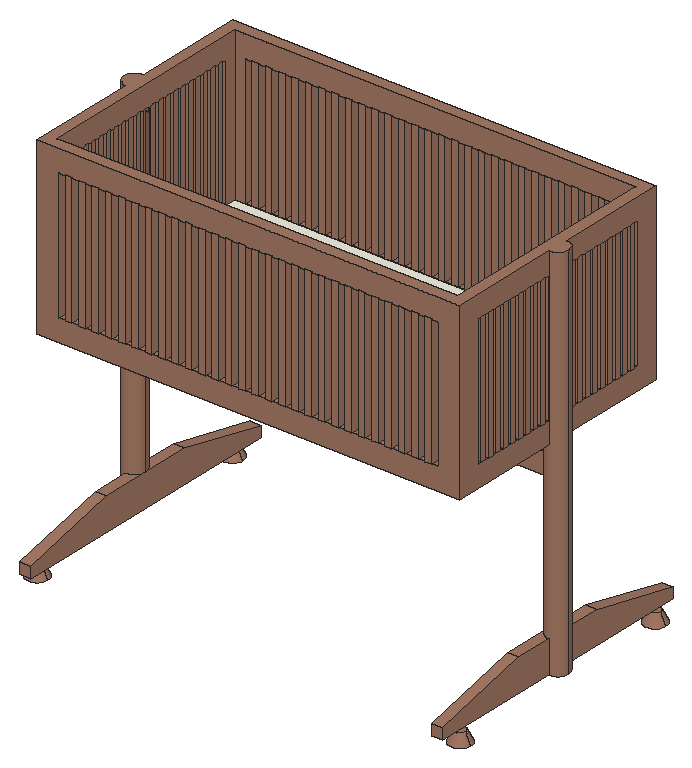
Revit family
Parameters
  Width = 3' - 3"
  Subcategory = "Cradle"
  SmartBIM Object Version = 3  # constant formula
  SmartBIM Object Created By = "Reed Construction Data"  # constant formula
  Mattress = Textile,White
  Manufacturer = ""
  Height = 3' - 0"
  Cradle = Wood, Mahogany
  Depth = 1' - 10 1/2"
  Default Elevation = 0' - 0"
  Assembly Code = "E2020200"
  95 CSI = "12450"
  04 CSI = "12 45 00"
Reference planes (in)
  plane 1 "Center F/B": y = 0
  plane 2: z = 0
  plane 3 "Center L/R": x = 0
  plane 4: x = -19.5
  plane 5: x = 19.5
  plane 6: y = -11.25
  plane 7: y = 11.25
  plane 8: z = 1
  plane 9: z = 36
  plane 10: z = 4
  plane 11: z = 18
  plane 12: x = 19.5
  plane 13: x = 18.5
  plane 14: x = -18.5
  plane 15: x = -19.5
  plane 16: y = -10.25
  plane 17: y = -11.25
  plane 18: y = 10.25
  plane 19: y = 11.25
Forms (in)
  Blend 1, solid, material "Wood, Mahogany" <- "Cradle"
    base sketch origin (0, 0, 0) x (1, 0, 0) y (0, 1, 0)
      loop
        circle (-19.5, 11.25) r 0.5
    top sketch origin (0, 0, 0) x (1, 0, 0) y (0, 1, 0)
      loop
        circle (-19.5, 11.25) r 1
    from 1 to 0
  Blend 2, solid, material "Wood, Mahogany" <- "Cradle"
    base sketch origin (0, 0, 0) x (-1, 0, 0) y (0, -1, 0)
      loop
        circle (-19.5, -11.25) r 0.5
    top sketch origin (0, 0, 0) x (-1, 0, 0) y (0, -1, 0)
      loop
        circle (-19.5, -11.25) r 1
    from 1 to 0
  Blend 3, solid, material "Wood, Mahogany" <- "Cradle"
    base sketch origin (0, 0, 0) x (1, 0, 0) y (0, 1, 0)
      loop
        circle (-19.5, -11.25) r 0.5
    top sketch origin (0, 0, 0) x (1, 0, 0) y (0, 1, 0)
      loop
        circle (-19.5, -11.25) r 1
    from 1 to 0
  Blend 4, solid, material "Wood, Mahogany" <- "Cradle"
    base sketch origin (0, 0, 0) x (-1, 0, 0) y (0, -1, 0)
      loop
        circle (-19.5, 11.25) r 0.5
    top sketch origin (0, 0, 0) x (-1, 0, 0) y (0, -1, 0)
      loop
        circle (-19.5, 11.25) r 1
    from 1 to 0
  Extrusion 5, solid, material "Wood, Mahogany" <- "Cradle"
    sketch origin (0, 0, 0) x (0, 1, 0) y (0, 0, 1)
      loop
        line (4.50373, 4) -> (-4.50373, 4) -> (-13.25, 2) -> (-13.25, 1) -> (13.25, 1) -> (13.25, 2) -> (4.50373, 4)
    from 18.5 to 19.5
  Extrusion 6, solid, material "Wood, Mahogany" <- "Cradle"
    sketch origin (0, 0, 0) x (0, 1, 0) y (0, 0, 1)
      loop
        line (4.50373, 4) -> (-4.50373, 4) -> (-13.25, 2) -> (-13.25, 1) -> (13.25, 1) -> (13.25, 2) -> (4.50373, 4)
    from -19.5 to -18.5
  Extrusion 7, solid, material "Wood, Mahogany" <- "Cradle"
    sketch origin (0, 0, 0) x (1, 0, 0) y (0, 1, 0)
      loop
        circle (-19.5, 0) r 1
    from 1 to 36
  Extrusion 8, solid, material "Wood, Mahogany" <- "Cradle"
    sketch origin (0, 0, 0) x (-1, 0, 0) y (0, -1, 0)
      loop
        circle (-19.5, 0) r 1
    from 1 to 36
  Extrusion 9, solid, material "Wood, Mahogany" <- "Cradle"
    sketch origin (0, -1.40625, 0) x (1, 0, 0) y (0, 0, 1)
      loop
        line (19.5, 17) -> (19.5, 19) -> (-19.5, 19) -> (-19.5, 17) -> (19.5, 17)
    from -1.92677 to -0.88573
  Extrusion 10, solid, material "Wood, Mahogany" <- "Cradle"
    sketch origin (0, 0, 0) x (0, 1, 0) y (0, 0, 1)
      loop
        line (-11.25, 20) -> (11.25, 20) -> (11.25, 36) -> (-11.25, 36) -> (-11.25, 20)
      loop
        line (-9.25, 22) -> (9.25, 22) -> (9.25, 34) -> (-9.25, 34) -> (-9.25, 22)
    from 18.5 to 19.5
  Extrusion 11, solid, material "Wood, Mahogany" <- "Cradle"
    sketch origin (0.5, 0, 0) x (0, 1, 0) y (0, 0, 1)
      loop
        line (8.81977, 22) -> (8.81977, 34) -> (8.38953, 34) -> (8.38953, 22) -> (8.81977, 22)
      loop
        line (7.9593, 22) -> (7.9593, 34) -> (7.52907, 34) -> (7.52907, 22) -> (7.9593, 22)
      loop
        line (7.09884, 22) -> (7.09884, 34) -> (6.6686, 34) -> (6.6686, 22) -> (7.09884, 22)
      loop
        line (6.23837, 22) -> (6.23837, 34) -> (5.80814, 34) -> (5.80814, 22) -> (6.23837, 22)
      loop
        line (5.37791, 22) -> (5.37791, 34) -> (4.94767, 34) -> (4.94767, 22) -> (5.37791, 22)
      loop
        line (4.51744, 22) -> (4.51744, 34) -> (4.08721, 34) -> (4.08721, 22) -> (4.51744, 22)
      loop
        line (3.65698, 22) -> (3.65698, 34) -> (3.22674, 34) -> (3.22674, 22) -> (3.65698, 22)
      loop
        line (2.79651, 22) -> (2.79651, 34) -> (2.36628, 34) -> (2.36628, 22) -> (2.79651, 22)
      loop
        line (1.93605, 22) -> (1.93605, 34) -> (1.50581, 34) -> (1.50581, 22) -> (1.93605, 22)
      loop
        line (1.07558, 22) -> (1.07558, 34) -> (0.64535, 34) -> (0.64535, 22) -> (1.07558, 22)
      loop
        line (0.21512, 22) -> (0.21512, 34) -> (-0.21512, 34) -> (-0.21512, 22) -> (0.21512, 22)
      loop
        line (-0.64535, 22) -> (-0.64535, 34) -> (-1.07558, 34) -> (-1.07558, 22) -> (-0.64535, 22)
      loop
        line (-1.50581, 22) -> (-1.50581, 34) -> (-1.93605, 34) -> (-1.93605, 22) -> (-1.50581, 22)
      loop
        line (-2.36628, 22) -> (-2.36628, 34) -> (-2.79651, 34) -> (-2.79651, 22) -> (-2.36628, 22)
      loop
        line (-3.22674, 22) -> (-3.22674, 34) -> (-3.65698, 34) -> (-3.65698, 22) -> (-3.22674, 22)
      loop
        line (-4.08721, 22) -> (-4.08721, 34) -> (-4.51744, 34) -> (-4.51744, 22) -> (-4.08721, 22)
      loop
        line (-4.94767, 22) -> (-4.94767, 34) -> (-5.37791, 34) -> (-5.37791, 22) -> (-4.94767, 22)
      loop
        line (-5.80814, 22) -> (-5.80814, 34) -> (-6.23837, 34) -> (-6.23837, 22) -> (-5.80814, 22)
      loop
        line (-6.6686, 22) -> (-6.6686, 34) -> (-7.09884, 34) -> (-7.09884, 22) -> (-6.6686, 22)
      loop
        line (-7.52907, 22) -> (-7.52907, 34) -> (-7.9593, 34) -> (-7.9593, 22) -> (-7.52907, 22)
      loop
        line (-8.38953, 22) -> (-8.38953, 34) -> (-8.81977, 34) -> (-8.81977, 22) -> (-8.38953, 22)
    from 18 to 19
  Extrusion 12, solid, material "Wood, Mahogany" <- "Cradle"
    sketch origin (3.5, 0, 0) x (0, 1, 0) y (0, 0, -1)
      loop
        line (-11.25, -20) -> (-11.25, -36) -> (11.25, -36) -> (11.25, -20) -> (-11.25, -20)
      loop
        line (-9.25, -22) -> (-9.25, -34) -> (9.25, -34) -> (9.25, -22) -> (-9.25, -22)
    from 22 to 23
  Extrusion 13, solid, material "Wood, Mahogany" <- "Cradle"
    sketch origin (2, 0, 0) x (0, 1, 0) y (0, 0, -1)
      loop
        line (8.81977, -22) -> (8.38953, -22) -> (8.38953, -34) -> (8.81977, -34) -> (8.81977, -22)
      loop
        line (7.9593, -22) -> (7.52907, -22) -> (7.52907, -34) -> (7.9593, -34) -> (7.9593, -22)
      loop
        line (7.09884, -22) -> (6.6686, -22) -> (6.6686, -34) -> (7.09884, -34) -> (7.09884, -22)
      loop
        line (6.23837, -22) -> (5.80814, -22) -> (5.80814, -34) -> (6.23837, -34) -> (6.23837, -22)
      loop
        line (5.37791, -22) -> (4.94767, -22) -> (4.94767, -34) -> (5.37791, -34) -> (5.37791, -22)
      loop
        line (4.51744, -22) -> (4.08721, -22) -> (4.08721, -34) -> (4.51744, -34) -> (4.51744, -22)
      loop
        line (3.65698, -22) -> (3.22674, -22) -> (3.22674, -34) -> (3.65698, -34) -> (3.65698, -22)
      loop
        line (2.79651, -22) -> (2.36628, -22) -> (2.36628, -34) -> (2.79651, -34) -> (2.79651, -22)
      loop
        line (1.93605, -22) -> (1.50581, -22) -> (1.50581, -34) -> (1.93605, -34) -> (1.93605, -22)
      loop
        line (1.07558, -22) -> (0.64535, -22) -> (0.64535, -34) -> (1.07558, -34) -> (1.07558, -22)
      loop
        line (0.21512, -22) -> (-0.21512, -22) -> (-0.21512, -34) -> (0.21512, -34) -> (0.21512, -22)
      loop
        line (-0.64535, -22) -> (-1.07558, -22) -> (-1.07558, -34) -> (-0.64535, -34) -> (-0.64535, -22)
      loop
        line (-1.50581, -22) -> (-1.93605, -22) -> (-1.93605, -34) -> (-1.50581, -34) -> (-1.50581, -22)
      loop
        line (-2.36628, -22) -> (-2.79651, -22) -> (-2.79651, -34) -> (-2.36628, -34) -> (-2.36628, -22)
      loop
        line (-3.22674, -22) -> (-3.65698, -22) -> (-3.65698, -34) -> (-3.22674, -34) -> (-3.22674, -22)
      loop
        line (-4.08721, -22) -> (-4.51744, -22) -> (-4.51744, -34) -> (-4.08721, -34) -> (-4.08721, -22)
      loop
        line (-4.94767, -22) -> (-5.37791, -22) -> (-5.37791, -34) -> (-4.94767, -34) -> (-4.94767, -22)
      loop
        line (-5.80814, -22) -> (-6.23837, -22) -> (-6.23837, -34) -> (-5.80814, -34) -> (-5.80814, -22)
      loop
        line (-6.6686, -22) -> (-7.09884, -22) -> (-7.09884, -34) -> (-6.6686, -34) -> (-6.6686, -22)
      loop
        line (-7.52907, -22) -> (-7.9593, -22) -> (-7.9593, -34) -> (-7.52907, -34) -> (-7.52907, -22)
      loop
        line (-8.38953, -22) -> (-8.81977, -22) -> (-8.81977, -34) -> (-8.38953, -34) -> (-8.38953, -22)
    from 20.5 to 21.5
  Extrusion 14, solid, material "Wood, Mahogany" <- "Cradle"
    sketch origin (-0.5, -29, 0) x (1, 0, 0) y (0, 0, -1)
      loop
        line (-19, -20) -> (-19, -36) -> (20, -36) -> (20, -20) -> (-19, -20)
      loop
        line (-17, -22) -> (-17, -34) -> (18, -34) -> (18, -22) -> (-17, -22)
    from 17.75 to 18.75
  Extrusion 15, solid, material "Wood, Mahogany" <- "Cradle"
    sketch origin (-0.5, -27.25, 0) x (1, 0, 0) y (0, 0, -1)
      loop
        line (13.08772, -22) -> (13.08772, -34) -> (13.70175, -34) -> (13.70175, -22) -> (13.08772, -22)
      loop
        line (12.47368, -22) -> (11.85965, -22) -> (11.85965, -34) -> (12.47368, -34) -> (12.47368, -22)
      loop
        line (11.24561, -22) -> (10.63158, -22) -> (10.63158, -34) -> (11.24561, -34) -> (11.24561, -22)
      loop
        line (10.01754, -22) -> (9.40351, -22) -> (9.40351, -34) -> (10.01754, -34) -> (10.01754, -22)
      loop
        line (8.78947, -22) -> (8.17544, -22) -> (8.17544, -34) -> (8.78947, -34) -> (8.78947, -22)
      loop
        line (7.5614, -22) -> (6.94737, -22) -> (6.94737, -34) -> (7.5614, -34) -> (7.5614, -22)
      loop
        line (6.33333, -22) -> (5.7193, -22) -> (5.7193, -34) -> (6.33333, -34) -> (6.33333, -22)
      loop
        line (5.10526, -22) -> (4.49123, -22) -> (4.49123, -34) -> (5.10526, -34) -> (5.10526, -22)
      loop
        line (3.87719, -22) -> (3.26316, -22) -> (3.26316, -34) -> (3.87719, -34) -> (3.87719, -22)
      loop
        line (2.64912, -22) -> (2.03509, -22) -> (2.03509, -34) -> (2.64912, -34) -> (2.64912, -22)
      loop
        line (1.42105, -22) -> (0.80702, -22) -> (0.80702, -34) -> (1.42105, -34) -> (1.42105, -22)
      loop
        line (0.19298, -22) -> (-0.42105, -22) -> (-0.42105, -34) -> (0.19298, -34) -> (0.19298, -22)
      loop
        line (-1.03509, -22) -> (-1.64912, -22) -> (-1.64912, -34) -> (-1.03509, -34) -> (-1.03509, -22)
      loop
        line (-2.26316, -22) -> (-2.87719, -22) -> (-2.87719, -34) -> (-2.26316, -34) -> (-2.26316, -22)
      loop
        line (-3.49123, -22) -> (-4.10526, -22) -> (-4.10526, -34) -> (-3.49123, -34) -> (-3.49123, -22)
      loop
        line (-4.7193, -22) -> (-5.33333, -22) -> (-5.33333, -34) -> (-4.7193, -34) -> (-4.7193, -22)
      loop
        line (-5.94737, -22) -> (-6.5614, -22) -> (-6.5614, -34) -> (-5.94737, -34) -> (-5.94737, -22)
      loop
        line (-7.17544, -22) -> (-7.78947, -22) -> (-7.78947, -34) -> (-7.17544, -34) -> (-7.17544, -22)
      loop
        line (-8.40351, -22) -> (-9.01754, -22) -> (-9.01754, -34) -> (-8.40351, -34) -> (-8.40351, -22)
      loop
        line (-9.63158, -22) -> (-10.24561, -22) -> (-10.24561, -34) -> (-9.63158, -34) -> (-9.63158, -22)
      loop
        line (-10.85965, -22) -> (-11.47368, -22) -> (-11.47368, -34) -> (-10.85965, -34) -> (-10.85965, -22)
      loop
        line (17.38596, -22) -> (16.77193, -22) -> (16.77193, -34) -> (17.38596, -34) -> (17.38596, -22)
      loop
        line (16.15789, -22) -> (15.54386, -22) -> (15.54386, -34) -> (16.15789, -34) -> (16.15789, -22)
      loop
        line (14.92982, -22) -> (14.31579, -22) -> (14.31579, -34) -> (14.92982, -34) -> (14.92982, -22)
      loop
        line (-12.08772, -22) -> (-12.70175, -22) -> (-12.70175, -34) -> (-12.08772, -34) -> (-12.08772, -22)
      loop
        line (-13.31579, -22) -> (-13.92982, -22) -> (-13.92982, -34) -> (-13.31579, -34) -> (-13.31579, -22)
      loop
        line (-14.54386, -22) -> (-15.15789, -22) -> (-15.15789, -34) -> (-14.54386, -34) -> (-14.54386, -22)
      loop
        line (-15.77193, -22) -> (-16.38596, -22) -> (-16.38596, -34) -> (-15.77193, -34) -> (-15.77193, -22)
    from 16 to 17
  Extrusion 16, solid, material "Wood, Mahogany" <- "Cradle"
    sketch origin (-0.5, 26.45895, 0) x (1, 0, 0) y (0, 0, 1)
      loop
        line (-19, 20) -> (20, 20) -> (20, 36) -> (-19, 36) -> (-19, 20)
      loop
        line (-17, 22) -> (18, 22) -> (18, 34) -> (-17, 34) -> (-17, 22)
    from 15.20895 to 16.20895
  Extrusion 17, solid, material "Wood, Mahogany" <- "Cradle"
    sketch origin (-0.5, 24.70895, 0) x (1, 0, 0) y (0, 0, 1)
      loop
        line (13.08772, 22) -> (13.70175, 22) -> (13.70175, 34) -> (13.08772, 34) -> (13.08772, 22)
      loop
        line (12.47368, 22) -> (12.47368, 34) -> (11.85965, 34) -> (11.85965, 22) -> (12.47368, 22)
      loop
        line (11.24561, 22) -> (11.24561, 34) -> (10.63158, 34) -> (10.63158, 22) -> (11.24561, 22)
      loop
        line (10.01754, 22) -> (10.01754, 34) -> (9.40351, 34) -> (9.40351, 22) -> (10.01754, 22)
      loop
        line (8.78947, 22) -> (8.78947, 34) -> (8.17544, 34) -> (8.17544, 22) -> (8.78947, 22)
      loop
        line (7.5614, 22) -> (7.5614, 34) -> (6.94737, 34) -> (6.94737, 22) -> (7.5614, 22)
      loop
        line (6.33333, 22) -> (6.33333, 34) -> (5.7193, 34) -> (5.7193, 22) -> (6.33333, 22)
      loop
        line (5.10526, 22) -> (5.10526, 34) -> (4.49123, 34) -> (4.49123, 22) -> (5.10526, 22)
      loop
        line (3.87719, 22) -> (3.87719, 34) -> (3.26316, 34) -> (3.26316, 22) -> (3.87719, 22)
      loop
        line (2.64912, 22) -> (2.64912, 34) -> (2.03509, 34) -> (2.03509, 22) -> (2.64912, 22)
      loop
        line (1.42105, 22) -> (1.42105, 34) -> (0.80702, 34) -> (0.80702, 22) -> (1.42105, 22)
      loop
        line (0.19298, 22) -> (0.19298, 34) -> (-0.42105, 34) -> (-0.42105, 22) -> (0.19298, 22)
      loop
        line (-1.03509, 22) -> (-1.03509, 34) -> (-1.64912, 34) -> (-1.64912, 22) -> (-1.03509, 22)
      loop
        line (-2.26316, 22) -> (-2.26316, 34) -> (-2.87719, 34) -> (-2.87719, 22) -> (-2.26316, 22)
      loop
        line (-3.49123, 22) -> (-3.49123, 34) -> (-4.10526, 34) -> (-4.10526, 22) -> (-3.49123, 22)
      loop
        line (-4.7193, 22) -> (-4.7193, 34) -> (-5.33333, 34) -> (-5.33333, 22) -> (-4.7193, 22)
      loop
        line (-5.94737, 22) -> (-5.94737, 34) -> (-6.5614, 34) -> (-6.5614, 22) -> (-5.94737, 22)
      loop
        line (-7.17544, 22) -> (-7.17544, 34) -> (-7.78947, 34) -> (-7.78947, 22) -> (-7.17544, 22)
      loop
        line (-8.40351, 22) -> (-8.40351, 34) -> (-9.01754, 34) -> (-9.01754, 22) -> (-8.40351, 22)
      loop
        line (-9.63158, 22) -> (-9.63158, 34) -> (-10.24561, 34) -> (-10.24561, 22) -> (-9.63158, 22)
      loop
        line (-10.85965, 22) -> (-10.85965, 34) -> (-11.47368, 34) -> (-11.47368, 22) -> (-10.85965, 22)
      loop
        line (17.38596, 22) -> (17.38596, 34) -> (16.77193, 34) -> (16.77193, 22) -> (17.38596, 22)
      loop
        line (16.15789, 22) -> (16.15789, 34) -> (15.54386, 34) -> (15.54386, 22) -> (16.15789, 22)
      loop
        line (14.92982, 22) -> (14.92982, 34) -> (14.31579, 34) -> (14.31579, 22) -> (14.92982, 22)
      loop
        line (-12.08772, 22) -> (-12.08772, 34) -> (-12.70175, 34) -> (-12.70175, 22) -> (-12.08772, 22)
      loop
        line (-13.31579, 22) -> (-13.31579, 34) -> (-13.92982, 34) -> (-13.92982, 22) -> (-13.31579, 22)
      loop
        line (-14.54386, 22) -> (-14.54386, 34) -> (-15.15789, 34) -> (-15.15789, 22) -> (-14.54386, 22)
      loop
        line (-15.77193, 22) -> (-15.77193, 34) -> (-16.38596, 34) -> (-16.38596, 22) -> (-15.77193, 22)
    from 13.45895 to 14.45895
  Extrusion 18, solid, material "Wood, Mahogany" <- "Cradle"
    sketch origin (0, 0, 0) x (1, 0, 0) y (0, 1, 0)
      loop
        line (-19.5, 11.25) -> (-19.5, -11.25) -> (19.5, -11.25) -> (19.5, 11.25) -> (-19.5, 11.25)
    from 20 to 21
  Extrusion 19, solid, material "Textile,White" <- "Mattress"
    sketch origin (0, 0, -6) x (1, 0, 0) y (0, 1, 0)
      loop
        line (-18.5, 10.25) -> (-18.5, -10.25) -> (18.5, -10.25) -> (18.5, 10.25) -> (-18.5, 10.25)
    from 27 to 28
Cuts and joins
  joined: Extrusion 5, Extrusion 6, Extrusion 7, Extrusion 8, Extrusion 9, Extrusion 10, Extrusion 12, Extrusion 14, Extrusion 16, Extrusion 18
Lines and regions (in)
  symbolic lines
    curve 1: line (19.5, 11.25, 0) -> (-19.5, 11.25, 0)
    curve 2: line (-19.5, 13.25, 0) -> (-19.5, -13.25, 0)
    curve 3: line (19.5, -13.25, 0) -> (19.5, 13.25, 0)
    curve 4: line (-19.5, -11.25, 0) -> (19.5, -11.25, 0)
    curve 5: line (-18.5, 13.25, 0) -> (-19.5, 13.25, 0)
    curve 6: line (-18.5, 11.25, 0) -> (-18.5, 13.25, 0)
    curve 7: line (-19.5, -13.25, 0) -> (-18.5, -13.25, 0)
    curve 8: line (18.5, -13.25, 0) -> (19.5, -13.25, 0)
    curve 9: line (19.5, 13.25, 0) -> (18.5, 13.25, 0)
    curve 10: line (18.5, 13.25, 0) -> (18.5, 11.25, 0)
    curve 11: line (18.5, -13.25, 0) -> (18.5, -11.25, 0)
    curve 12: line (-18.5, -13.25, 0) -> (-18.5, -11.25, 0)
    curve 13: line (-18.5, 10.25, 0) -> (18.5, 10.25, 0)
    curve 14: line (-18.5, -10.25, 0) -> (-18.5, 10.25, 0)
    curve 15: line (18.5, 10.25, 0) -> (18.5, -10.25, 0)
    curve 16: line (18.5, -10.25, 0) -> (-18.5, -10.25, 0)
Dimensions and locks (in)
  equal spacing: plane 4, plane 3 "Center L/R", plane 5
  equal spacing: plane 6, plane 1 "Center F/B", plane 7
  "Depth": plane 6 to plane 7
  "Width": plane 4 to plane 5
  locked: plane 8 to plane 2 at 1
  "Height": plane 9 to level
  Extrusion 5 sketch curve to plane 7 to Extrusion 5 sketch curve = 0' - 2" locked, 0' - 6.74627" locked
  Extrusion 5 sketch curve to plane 6 to Extrusion 5 sketch curve = 0' - 6.74627" locked, 0' - 2" locked
  locked: Extrusion 5 to Extrusion 5 at 1
  Extrusion 6 sketch curve to plane 7 to Extrusion 6 sketch curve = 0' - 2" locked, 0' - 6.74627" locked
  Extrusion 6 sketch curve to plane 6 to Extrusion 6 sketch curve = 0' - 6.74627" locked, 0' - 2" locked
  locked: Extrusion 6 to Extrusion 6 at 1
  locked: plane 10 to plane 8 at 3
  equal spacing: Extrusion 9 sketch curve, plane 11, Extrusion 9 sketch curve
  locked: Extrusion 9 sketch curve to Extrusion 9 sketch curve at 2
  equal spacing: Extrusion 9, plane 1 "Center F/B", Extrusion 9
  locked: Extrusion 9 to Extrusion 9 at 1.04105
  locked: Extrusion 10 to Extrusion 10 at 1
  plane 5 to plane 4 = 3' - 3"
  plane 7 to plane 6 = 1' - 10 1/2"
  locked: Extrusion 10 sketch curve to plane 11 at 2
  locked: Extrusion 10 sketch curve to Extrusion 10 sketch curve at 2  (x4)
  equal spacing: Extrusion 10, Extrusion 11 sketch curve, Extrusion 11 sketch curve, Extrusion 11 sketch curve, Extrusion 11 sketch curve, Extrusion 11 sketch curve, Extrusion 11 sketch curve, Extrusion 11 sketch curve, Extrusion 11 sketch curve, Extrusion 11 sketch curve, Extrusion 11 sketch curve, Extrusion 11 sketch curve, Extrusion 11 sketch curve, Extrusion 11 sketch curve, Extrusion 11 sketch curve, Extrusion 11 sketch curve, Extrusion 11 sketch curve, Extrusion 11 sketch curve, Extrusion 11 sketch curve, Extrusion 11 sketch curve, Extrusion 11 sketch curve, Extrusion 11 sketch curve, Extrusion 11 sketch curve, Extrusion 11 sketch curve, Extrusion 11 sketch curve, Extrusion 11 sketch curve, Extrusion 11 sketch curve, Extrusion 11 sketch curve, Extrusion 11 sketch curve, Extrusion 11 sketch curve, Extrusion 11 sketch curve, Extrusion 11 sketch curve, Extrusion 11 sketch curve, Extrusion 11 sketch curve, Extrusion 11 sketch curve, Extrusion 11 sketch curve, Extrusion 11 sketch curve, Extrusion 11 sketch curve, Extrusion 11 sketch curve, Extrusion 11 sketch curve, Extrusion 11 sketch curve, Extrusion 11 sketch curve, Extrusion 11 sketch curve, Extrusion 10
  locked: plane 13 to plane 12 at 1
  locked: Extrusion 12 to Extrusion 12 at 1
  locked: Extrusion 12 sketch curve to Extrusion 12 sketch curve at 2  (x4)
  Extrusion 12 to Extrusion 12 = 1' - 6 1/2"
  equal spacing: Extrusion 10, Extrusion 13 sketch curve, Extrusion 13 sketch curve, Extrusion 13 sketch curve, Extrusion 13 sketch curve, Extrusion 13 sketch curve, Extrusion 13 sketch curve, Extrusion 13 sketch curve, Extrusion 13 sketch curve, Extrusion 13 sketch curve, Extrusion 13 sketch curve, Extrusion 13 sketch curve, Extrusion 13 sketch curve, Extrusion 13 sketch curve, Extrusion 13 sketch curve, Extrusion 13 sketch curve, Extrusion 13 sketch curve, Extrusion 13 sketch curve, Extrusion 13 sketch curve, Extrusion 13 sketch curve, Extrusion 13 sketch curve, Extrusion 13 sketch curve, Extrusion 13 sketch curve, Extrusion 13 sketch curve, Extrusion 13 sketch curve, Extrusion 13 sketch curve, Extrusion 13 sketch curve, Extrusion 13 sketch curve, Extrusion 13 sketch curve, Extrusion 13 sketch curve, Extrusion 13 sketch curve, Extrusion 13 sketch curve, Extrusion 13 sketch curve, Extrusion 13 sketch curve, Extrusion 13 sketch curve, Extrusion 13 sketch curve, Extrusion 13 sketch curve, Extrusion 13 sketch curve, Extrusion 13 sketch curve, Extrusion 13 sketch curve, Extrusion 13 sketch curve, Extrusion 13 sketch curve, Extrusion 13 sketch curve, Extrusion 10
  locked: plane 15 to plane 14 at 1
  locked: Extrusion 14 to Extrusion 14 at 1
  locked: Extrusion 14 sketch curve to Extrusion 14 sketch curve at 2  (x4)
  equal spacing: Extrusion 14, Extrusion 15 sketch curve, Extrusion 15 sketch curve, Extrusion 15 sketch curve, Extrusion 15 sketch curve, Extrusion 15 sketch curve, Extrusion 15 sketch curve, Extrusion 15 sketch curve, Extrusion 15 sketch curve, Extrusion 15 sketch curve, Extrusion 15 sketch curve, Extrusion 15 sketch curve, Extrusion 15 sketch curve, Extrusion 15 sketch curve, Extrusion 15 sketch curve, Extrusion 15 sketch curve, Extrusion 15 sketch curve, Extrusion 15 sketch curve, Extrusion 15 sketch curve, Extrusion 15 sketch curve, Extrusion 15 sketch curve, Extrusion 15 sketch curve, Extrusion 15 sketch curve, Extrusion 15 sketch curve, Extrusion 15 sketch curve, Extrusion 15 sketch curve, Extrusion 15 sketch curve, Extrusion 15 sketch curve, Extrusion 15 sketch curve, Extrusion 15 sketch curve, Extrusion 15 sketch curve, Extrusion 15 sketch curve, Extrusion 15 sketch curve, Extrusion 15 sketch curve, Extrusion 15 sketch curve, Extrusion 15 sketch curve, Extrusion 15 sketch curve, Extrusion 15 sketch curve, Extrusion 15 sketch curve, Extrusion 15 sketch curve, Extrusion 15 sketch curve, Extrusion 15 sketch curve, Extrusion 15 sketch curve, Extrusion 15 sketch curve, Extrusion 15 sketch curve, Extrusion 15 sketch curve, Extrusion 15 sketch curve, Extrusion 15 sketch curve, Extrusion 15 sketch curve, Extrusion 15 sketch curve, Extrusion 15 sketch curve, Extrusion 15 sketch curve, Extrusion 15 sketch curve, Extrusion 15 sketch curve, Extrusion 15 sketch curve, Extrusion 15 sketch curve, Extrusion 15 sketch curve, Extrusion 14
  locked: Extrusion 14 sketch curve to plane 11 at 2
  locked: plane 17 to plane 16 at 1
  locked: Extrusion 16 to Extrusion 16 at 1
  locked: Extrusion 16 sketch curve to Extrusion 16 sketch curve at 2  (x4)
  equal spacing: Extrusion 16, Extrusion 17 sketch curve, Extrusion 17 sketch curve, Extrusion 17 sketch curve, Extrusion 17 sketch curve, Extrusion 17 sketch curve, Extrusion 17 sketch curve, Extrusion 17 sketch curve, Extrusion 17 sketch curve, Extrusion 17 sketch curve, Extrusion 17 sketch curve, Extrusion 17 sketch curve, Extrusion 17 sketch curve, Extrusion 17 sketch curve, Extrusion 17 sketch curve, Extrusion 17 sketch curve, Extrusion 17 sketch curve, Extrusion 17 sketch curve, Extrusion 17 sketch curve, Extrusion 17 sketch curve, Extrusion 17 sketch curve, Extrusion 17 sketch curve, Extrusion 17 sketch curve, Extrusion 17 sketch curve, Extrusion 17 sketch curve, Extrusion 17 sketch curve, Extrusion 17 sketch curve, Extrusion 17 sketch curve, Extrusion 17 sketch curve, Extrusion 17 sketch curve, Extrusion 17 sketch curve, Extrusion 17 sketch curve, Extrusion 17 sketch curve, Extrusion 17 sketch curve, Extrusion 17 sketch curve, Extrusion 17 sketch curve, Extrusion 17 sketch curve, Extrusion 17 sketch curve, Extrusion 17 sketch curve, Extrusion 17 sketch curve, Extrusion 17 sketch curve, Extrusion 17 sketch curve, Extrusion 17 sketch curve, Extrusion 17 sketch curve, Extrusion 17 sketch curve, Extrusion 17 sketch curve, Extrusion 17 sketch curve, Extrusion 17 sketch curve, Extrusion 17 sketch curve, Extrusion 17 sketch curve, Extrusion 17 sketch curve, Extrusion 17 sketch curve, Extrusion 17 sketch curve, Extrusion 17 sketch curve, Extrusion 17 sketch curve, Extrusion 17 sketch curve, Extrusion 17 sketch curve, Extrusion 16
  locked: plane 11 to Extrusion 16 sketch curve at 2
  locked: plane 18 to plane 19 at 1
  locked: Extrusion 18 to Extrusion 18 at 1
  locked: plane 9 to plane 11 at 18
  locked: Extrusion 19 to Extrusion 19 at 1
  aligned and locked: Blend 1 to level
  aligned and locked: plane 8 to Blend 1
  aligned and locked: plane 10 to Extrusion 5 sketch curve
  aligned and locked: plane 8 to Extrusion 5 sketch curve
  aligned and locked: plane 5 to Extrusion 5
  aligned and locked: Extrusion 6 sketch curve to Extrusion 5  (x4)
  aligned and locked: Extrusion 6 to plane 4
  aligned and locked: Extrusion 6 to Extrusion 7
  aligned and locked: plane 1 "Center F/B" to Extrusion 7
  aligned and locked: plane 9 to Extrusion 7
  aligned and locked: Extrusion 9 sketch curve to plane 4
  aligned and locked: Extrusion 9 sketch curve to plane 5
  aligned and locked: Extrusion 7 to plane 8
  aligned and locked: Extrusion 8 to plane 8
  aligned and locked: plane 5 to Extrusion 10
  aligned and locked: plane 7 to Extrusion 10 sketch curve
  aligned and locked: plane 6 to Extrusion 10 sketch curve
  aligned and locked: plane 9 to Extrusion 10 sketch curve
  aligned and locked: Extrusion 10 to Extrusion 11 sketch curve
  aligned and locked: plane 12 to Extrusion 11
  aligned and locked: plane 13 to Extrusion 11
  aligned and locked: plane 12 to plane 5
  aligned and locked: Extrusion 12 to plane 4
  aligned and locked: plane 14 to Extrusion 13
  aligned and locked: plane 15 to Extrusion 13
  aligned and locked: plane 4 to plane 15
  aligned and locked: Extrusion 14 sketch curve to plane 15
  aligned and locked: plane 12 to Extrusion 14 sketch curve
  aligned and locked: plane 9 to Extrusion 14 sketch curve
  aligned and locked: Extrusion 14 to Extrusion 15 sketch curve  (x14)
  aligned and locked: plane 6 to Extrusion 14
  aligned and locked: plane 16 to Extrusion 15
  aligned and locked: plane 17 to Extrusion 15
  aligned and locked: plane 17 to plane 6
  aligned and locked: Extrusion 17 sketch curve to Extrusion 16  (x14)
  aligned and locked: Extrusion 16 sketch curve to plane 9
  aligned and locked: Extrusion 16 sketch curve to plane 12
  aligned and locked: plane 15 to Extrusion 16 sketch curve
  aligned and locked: Extrusion 16 to plane 7
  aligned and locked: plane 18 to Extrusion 17
  aligned and locked: plane 19 to Extrusion 17
  aligned and locked: plane 7 to plane 19
  aligned and locked: Extrusion 18 sketch curve to plane 4
  aligned and locked: Extrusion 18 sketch curve to plane 7
  aligned and locked: Extrusion 18 sketch curve to plane 5
  aligned and locked: Extrusion 18 sketch curve to plane 6
  aligned and locked: Extrusion 18 to cut or joined group 1 (Extrusion 5, Extrusion 6, Extrusion 7, Extrusion 8, Extrusion 9, Extrusion 10, Extrusion 12, Extrusion 14, Extrusion 16, Extrusion 18)
  aligned and locked: plane 9 to cut or joined group 1
  aligned and locked: plane 18 to Extrusion 19 sketch curve
  aligned and locked: Extrusion 19 sketch curve to cut or joined group 1  (x2)
  aligned and locked: Extrusion 19 sketch curve to plane 16
  aligned and locked: Extrusion 19 to cut or joined group 1
  aligned and locked: curve 1 to cut or joined group 1
  aligned and locked: curve 2 to cut or joined group 1
  aligned and locked: curve 3 to cut or joined group 1
  aligned and locked: curve 4 to cut or joined group 1
  aligned and locked: curve 5 to cut or joined group 1
  aligned and locked: cut or joined group 1 to curve 6
  aligned and locked: curve 1 to curve 6
  aligned and locked: curve 7 to cut or joined group 1
  aligned and locked: curve 8 to cut or joined group 1
  aligned and locked: curve 9 to cut or joined group 1
  aligned and locked: curve 10 to cut or joined group 1
  aligned and locked: curve 11 to cut or joined group 1
  aligned and locked: curve 13 to cut or joined group 1
  aligned and locked: curve 14 to cut or joined group 1
  aligned and locked: curve 15 to cut or joined group 1
  aligned and locked: curve 16 to cut or joined group 1
Automatic sketch dimensions
  Blend 1 sketch curve to plane 4 = 0' - 0"  (x2)
  Blend 1 sketch curve to plane 7 = 0' - 0"  (x2)
  Blend 2 sketch curve to plane 5 = 0' - 0"  (x2)
  Blend 2 sketch curve to plane 7 = 0' - 0"  (x2)
  Blend 3 sketch curve to plane 4 = 0' - 0"  (x2)
  Blend 3 sketch curve to plane 6 = 0' - 0"  (x2)
  Blend 4 sketch curve to plane 5 = 0' - 0"  (x2)
  Blend 4 sketch curve to plane 6 = 0' - 0"  (x2)
  plane 8 to Extrusion 5 sketch curve = 0' - 1"  (x2)
  Extrusion 7 sketch curve to plane 1 "Center F/B" = 0' - 0"
  Extrusion 7 sketch curve to plane 4 = 0' - 0"
  Extrusion 8 sketch curve to plane 1 "Center F/B" = 0' - 0"
  Extrusion 8 sketch curve to plane 5 = 0' - 0"
  plane 11 to Extrusion 11 sketch curve = 0' - 4"
  Extrusion 11 sketch curve to Extrusion 11 sketch curve = 0' - 0"  (x38)
  Extrusion 11 sketch curve to plane 9 = 0' - 2"  (x2)
  Extrusion 12 sketch curve to plane 6 = 0' - 0"
  Extrusion 12 sketch curve to plane 7 = 0' - 0"
  Extrusion 12 sketch curve to plane 9 = 0' - 0"
  plane 11 to Extrusion 12 sketch curve = 0' - 4"
  Extrusion 13 sketch curve to plane 9 = 0' - 2"  (x2)
  Extrusion 13 sketch curve to Extrusion 13 sketch curve = 0' - 0"  (x38)
  plane 11 to Extrusion 13 sketch curve = 0' - 4"  (x2)
  Extrusion 15 sketch curve to Extrusion 15 sketch curve = 0' - 0"  (x41)
  Extrusion 15 sketch curve to plane 9 = 0' - 2"
  Extrusion 17 sketch curve to Extrusion 17 sketch curve = 0' - 0"  (x41)
  Extrusion 17 sketch curve to plane 9 = 0' - 2"
  curve 7 to plane 4 = 0' - 0"
  curve 5 to plane 14 = 0' - 0"
  curve 8 to plane 5 = 0' - 0"
  curve 11 to plane 6 = 0' - 0"
  curve 1 to plane 7 = 0' - 0"
  plane 6 to curve 7 = 0' - 2"
  plane 6 to curve 8 = 0' - 2"
  curve 5 to plane 7 = 0' - 2"
  curve 10 to plane 7 = 0' - 2"
  curve 12 to plane 14 = 0' - 0"
  radius of Blend 1 sketch curve = 0' - 0 1/2"
  radius of Blend 1 sketch curve = 0' - 1"
  radius of Blend 2 sketch curve = 0' - 0 1/2"
  radius of Blend 2 sketch curve = 0' - 1"
  radius of Blend 3 sketch curve = 0' - 0 1/2"
  radius of Blend 3 sketch curve = 0' - 1"
  radius of Blend 4 sketch curve = 0' - 0 1/2"
  radius of Blend 4 sketch curve = 0' - 1"
  radius of Extrusion 7 sketch curve = 0' - 1"
  radius of Extrusion 8 sketch curve = 0' - 1"
